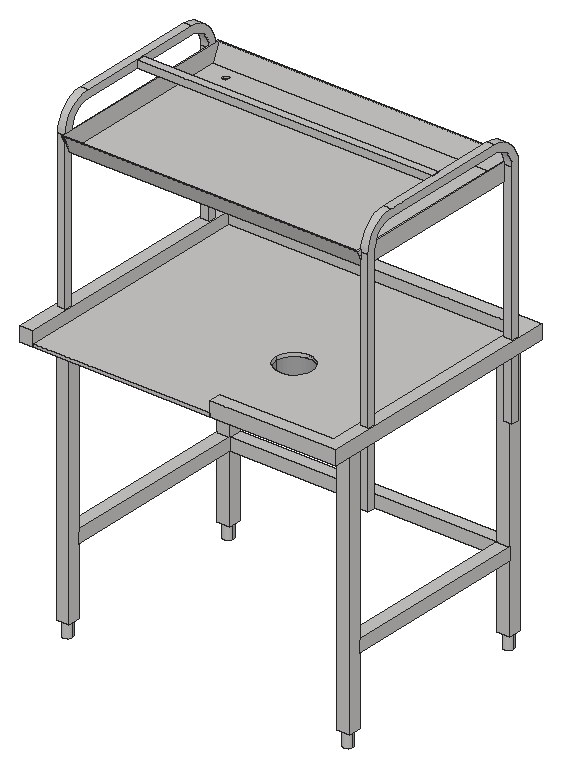
Revit family "QF_ELECTROLUXPROFESSIONAL_865334_BHST1008R", category Attrezzature speciali, Revit 2020
Family settings
  Quota connettore circolare = Usa diametro
  Tipo di parte = Normale
  Basato su piano di lavoro = No
  Sempre verticale = Sì
  Taglio con vuoti quando caricato = No
  Condiviso = No
  Punto di calcolo locali = No
Parameters (values of type "Standard")
  Weight = 8.00 kg
  Watts = 0 W
  Volts = 0 V
  URL Manufacturer = "https://www.electroluxprofessional.com/"
  URL = "https://www.electroluxprofessional.com/"
  Steam Supply Size = 0 mm
  Steam Supply Minimum Pressure = 0.0 Pa
  Steam Supply Maximum Pressure = 0.0 Pa
  Steam Consumption per Hour = 0
  Refrigeration Suction Line Size = 0 mm
  Refrigeration Liquid Line Size = 0 mm
  Refrigerant Compressor Remote = yes
  Prospetto di default = 0 mm
  Produttore = "Electrolux Professional"
  Phase = 0
  Modello = "BHST1008R"
  Length Actual = 1000 mm  # constant formula
  Item Number = "865334"
  Hot Water Size = 0 mm
  Height Actual = 1551 mm  # constant formula
  HP = "0 HP"
  Gas Size = 0 mm
  Gas KW = 0
  Gas Input Pressure = 0 W
  Direct Waste Size = 0 mm
  Description = "SORTING TABLE, RIGHT>LEFT, 1000X800 MM "
  Depth Actual = 800 mm  # constant formula
  Cycle = 0 Hz
  Condensate Return Size = 0 mm
  Compressed Air Volume = 0.0 L/s
  Compressed Air Size = 0 mm
  Compressed Air Pressure = 0.0 Pa
  Cold Water Size = 0 mm
  Accessory = yes
Reference planes
  plane 1 "Centro (Fronte/Retro)": y = 0
  plane 2: z = 0
  plane 3 "Centro (Sinistra/Destra)": x = 0
  plane 4: x = 500
  plane 5: z = 1492
  plane 6: x = 20
  plane 7: y = -379.5
  plane 8: x = 56
  plane 9: x = 944
  plane 10: y = -60
  plane 11: y = -695
Forms (mm)
  Extrusion 1, solid, material "QF_Finishes_Stainless Steel"
    sketch origin (0, 0, 865) x (1, 0, 0) y (0, 1, 0)
      loop
        line (40, -814) -> (600, -814) -> (600, -774) -> (960, -774) -> (960, -40) -> (40, -40) -> (40, -814)
    from 0 to 10
  Extrusion 2, solid, material "QF_Finishes_Stainless Steel"
    sketch origin (-76, -40, 0) x (1, 0, 0) y (0, 1, 0)
      loop
        line (1000, 0) -> (1000, -40) -> (1040, -40) -> (1040, 0) -> (1000, 0)
    from 45 to 865
  Extrusion 3, solid, material "QF_Finishes_Stainless Steel"
    sketch origin (-76, -40, 0) x (1, 0, 0) y (0, 1, 0)
      loop
        circle (1020, -20) r 15
    from 0 to 45
  Extrusion 4, solid, material "QF_Finishes_Stainless Steel"
    sketch origin (-76, -675, 0) x (1, 0, 0) y (0, 1, 0)
      loop
        line (1000, 0) -> (1000, -40) -> (1040, -40) -> (1040, 0) -> (1000, 0)
    from 45 to 865
  Extrusion 5, solid, material "QF_Finishes_Stainless Steel"
    sketch origin (-76, -675, 0) x (1, 0, 0) y (0, 1, 0)
      loop
        circle (1020, -20) r 15
    from 0 to 45
  Extrusion 6, solid, material "QF_Finishes_Stainless Steel"
    sketch origin (-964, -40, 0) x (1, 0, 0) y (0, 1, 0)
      loop
        line (1000, 0) -> (1000, -40) -> (1040, -40) -> (1040, 0) -> (1000, 0)
    from 45 to 865
  Extrusion 7, solid, material "QF_Finishes_Stainless Steel"
    sketch origin (-964, -40, 0) x (1, 0, 0) y (0, 1, 0)
      loop
        circle (1020, -20) r 15
    from 0 to 45
  Extrusion 8, solid, material "QF_Finishes_Stainless Steel"
    sketch origin (-964, -675, 0) x (1, 0, 0) y (0, 1, 0)
      loop
        line (1000, 0) -> (1000, -40) -> (1040, -40) -> (1040, 0) -> (1000, 0)
    from 45 to 865
  Extrusion 9, solid, material "QF_Finishes_Stainless Steel"
    sketch origin (-964, -675, 0) x (1, 0, 0) y (0, 1, 0)
      loop
        circle (1020, -20) r 15
    from 0 to 45
  Extrusion 10, solid, material "QF_Finishes_Stainless Steel"
    sketch origin (0, 0, 0) x (1, 0, 0) y (0, 0, 1)
      loop
        line (76, 259.624) -> (924, 259.624) -> (924, 299.579) -> (76, 299.579) -> (76, 259.624)
    from 40 to 80
  Extrusion 11, solid, material "QF_Finishes_Stainless Steel"
    sketch origin (36, 0, 0) x (0, 1, 0) y (0, 0, 1)
      loop
        line (-80, 299.579) -> (-675, 299.579) -> (-675, 259.579) -> (-80, 259.579) -> (-80, 299.579)
    from 0 to 40
  Extrusion 12, solid, material "QF_Finishes_Stainless Steel"
    sketch origin (964, 0, 0) x (0, 1, 0) y (0, 0, -1)
      loop
        line (-80, -299.579) -> (-80, -259.579) -> (-675, -259.579) -> (-675, -299.579) -> (-80, -299.579)
    from 0 to 40
  Extrusion 13, void
    sketch origin (0, 0, 0) x (1, 0, 0) y (0, 1, 0)
      loop
        circle (610, -490) r 58
    from 674.596 to 947.421
  Extrusion 14, solid, material "QF_Finishes_Stainless Steel"
    sketch origin (0, 0, 865) x (1, 0, 0) y (0, 1, 0)
      loop
        line (0, 0) -> (0, -814) -> (40, -814) -> (40, -40) -> (960, -40) -> (960, -774) -> (600, -774) -> (600, -814) -> (1000, -814) -> (1000, 0) -> (0, 0)
    from 0 to 45
  Sweep 15, solid, material "QF_Finishes_Stainless Steel"
    path origin (0, 0, -12) x (0, 1, 0) y (0, 0, 1)
      loop
        line (-95, 682) -> (-95, 1412)
        arc (-95, 1412) -> (-118.431, 1468.569) -> (-175, 1492) r 80
        line (-175, 1492) -> (-584, 1492)
        arc (-584, 1492) -> (-640.569, 1468.569) -> (-664, 1412) r 80
        line (-664, 1412) -> (-664, 682)
    profile origin (0, -95, 1035) x (0, -1, 0) y (1, 0, 0)
      loop
        line (-12, 8) -> (12, 8) -> (12, 32) -> (-12, 32) -> (-12, 8)
  Extrusion 16, solid, material "QF_Finishes_Stainless Steel"
    sketch origin (0, 0, -12) x (0, 1, 0) y (0, 0, 1)
      loop
        line (-367.5, 1504) -> (-391.5, 1504) -> (-391.5, 1480) -> (-367.5, 1480) -> (-367.5, 1504)
    from 32 to 968
  Sweep 17, solid, material "QF_Finishes_Stainless Steel"
    path origin (1000, 0, -12) x (0, 1, 0) y (0, 0, -1)
      loop
        line (-95, -682) -> (-95, -1412)
        arc (-95, -1412) -> (-118.431, -1468.569) -> (-175, -1492) r 80
        line (-175, -1492) -> (-584, -1492)
        arc (-584, -1492) -> (-640.569, -1468.569) -> (-664, -1412) r 80
        line (-664, -1412) -> (-664, -682)
    profile origin (1000, -95, 1035) x (0, 1, 0) y (-1, 0, 0)
      loop
        line (12, 8) -> (12, 32) -> (-12, 32) -> (-12, 8) -> (12, 8)
  Extrusion 18, void
    sketch origin (32, 0, -6.687) x (0, 1, 0) y (0, 0, 1)
      loop
        line (-56.629, 1444.891) -> (-702.371, 1444.891) -> (-663.034, 1360.532) -> (-95.966, 1360.532) -> (-56.629, 1444.891)
    from 3.287 to 932.889
  Extrusion 19, solid, material "QF_Finishes_Stainless Steel"
    sketch origin (32, 0, -12) x (0, 1, 0) y (0, 0, 1)
      loop
        line (-70.92, 1418.976) -> (-688.08, 1418.976) -> (-661.76, 1362.532) -> (-97.24, 1362.532) -> (-70.92, 1418.976)
    from 0 to 936
  Extrusion 20, void
    sketch origin (0, 0, -12) x (1, 0, 0) y (0, 1, 0)
      loop
        circle (108.268, -136.161) r 12
    from 1301.755 to 1377.519
  Extrusion 21, solid, material "QF_Finishes_Stainless Steel"
    sketch origin (0, 0, -12) x (1, 0, 0) y (0, 1, 0)
      loop
        circle (108.21, -136.146) r 13
    from 1316.037 to 1362.532
  Extrusion 22, void
    sketch origin (0, 0, -12) x (1, 0, 0) y (0, 1, 0)
      loop
        circle (108.268, -136.161) r 10
    from 1301.755 to 1377.519
Cuts and joins
  Extrusion 13 cuts Extrusion 1
  Extrusion 18, Extrusion 22 cuts Extrusion 19
  Extrusion 20 cuts Extrusion 21
Dimensions and locks
  Extrusion 3 to Extrusion 2 = 45 mm
  plane 5 to level = 1492 mm  (x2)
  Extrusion 4 to Extrusion 8 = 848 mm
  Extrusion 10 to Extrusion 10 = 39.955 mm
  plane 9 to plane 8 = 888 mm
  Extrusion 6 to Extrusion 8 = 595 mm
  plane 10 to plane 11 = 635 mm
  cut or joined group of Extrusion 1, Extrusion 13 to plane 1 "Centro (Fronte/Retro)" = 814 mm
  aligned and locked: level to plane 2
  aligned and locked: Extrusion 3 to Extrusion 2
  aligned and locked: Extrusion 5 to Extrusion 4
  aligned and locked: Extrusion 7 to Extrusion 6
  aligned and locked: Extrusion 9 to Extrusion 8
  aligned and locked: Extrusion 2 to Extrusion 10
  aligned and locked: Extrusion 16 to Sweep 15
Nested families
  nested 1: "FORO_IMMONDIZIE - 200" at (610, -490, 863.471), type "FORO_IMMONDIZIE - 200"
Definition of nested family "FORO_IMMONDIZIE - 200"
  Parameters (values of type "FORO_IMMONDIZIE - 200")
    Default Elevation = 1219.2 mm
  Reference planes
    plane 1 "Centro (Fronte/Retro)": y = 0
    plane 2: z = 0
    plane 3 "Centro (Sinistra/Destra)": x = 0
    plane 4: z = -110
  Forms (mm)
    Extrusion 1, solid, not visible
      sketch origin (0, 0, 0) x (1, 0, 0) y (0, 1, 0)
        loop
          line (-1219.2, 1219.2) -> (-1219.2, -1219.2) -> (1219.2, -1219.2) -> (1219.2, 1219.2) -> (-1219.2, 1219.2)
      from 0 to -304.8
    Extrusion 2, solid
      sketch origin (0, 0, 0) x (1, 0, 0) y (0, 1, 0)
        loop
          circle (0, 0) r 60
        loop
          circle (0, 0) r 90
      from -110 to 1.529
  Dimensions and locks
    aligned and locked: plane 2 to Extrusion 1
    aligned and locked: level to Extrusion 1
